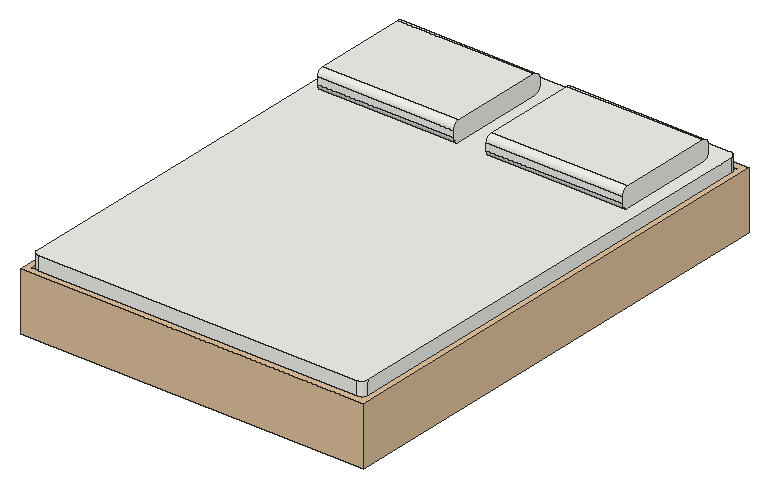
Revit family "f3a730c495784a6da5240e886285e97d", category Furniture, Revit 2025
Family settings
  Work Plane-Based = No
  Enable Cutting in Views = No
  Always vertical = Yes
  Cut with Voids When Loaded = No
  Render Appearance Source = Family Geometry
  Shared = No
  Room Calculation Point = No
Parameters (values of type "1346x1880x355mm-Double")
  Material Frame = Wood - Birch
  Length = 1880.00 mm
  Material Mattress = Textile - White
  Width = 1346.00 mm
  Keynote = "N"
  Default Elevation = 0.00 mm
Types (4, lengths in mm): name | Length | Width
  (no name) | 1880.00 | 1346.00
  1346x1880x355mm-Double | 1880.00 | 1346.00
  1525x2007x355mm-Queen | 2007.00 | 1525.00
  965x1880x355mm-Twin | 1880.00 | 965.00
Reference planes
  plane 1 "Center (Front/Back)": y = -234.43
  plane 2: z = 0
  plane 3 "Center (Left/Right)": x = 339.152
  plane 4: y = 705.57
  plane 5: y = -1174.43
  plane 6: x = -333.848
  plane 7: x = 1012.152
  plane 8: z = 177.8
  plane 9: y = 603.97
  plane 10: y = 184.87
Forms (mm)
  Sweep 1, solid, material "Wood - Birch" <- "Material Frame"
    path origin (0, -1174.43, 0) x (1, 0, 0) y (0, 0, 1)
      loop
        line (-308.448, 177.8) -> (-257.648, 177.8) -> (-181.577, 14.665)
        arc (-181.577, 14.665) -> (-172.204, 3.978) -> (-158.556, 0) r 25.4
        line (-158.556, 0) -> (-79.944, 0)
        arc (-79.944, 0) -> (-73.37, 0.865) -> (-67.244, 3.403) r 25.4
        line (-67.244, 3.403) -> (-7.147, 38.1) -> (685.452, 38.1) -> (745.549, 3.403)
        arc (745.549, 3.403) -> (751.675, 0.865) -> (758.249, 0) r 25.4
        line (758.249, 0) -> (836.861, 0)
        arc (836.861, 0) -> (850.509, 3.978) -> (859.882, 14.665) r 25.4
        line (859.882, 14.665) -> (935.952, 177.8) -> (986.752, 177.8)
    profile origin (-283.048, -1237.93, 0) x (0, 0, 1) y (0, -1, 0)
      loop
        line (196.85, -292.1) -> (177.8, -292.1) -> (177.8, -368.3) -> (196.85, -368.3) -> (196.85, -292.1)
  Extrusion 2, solid, material "Textile - White" <- "Material Mattress"
    sketch origin (0, 0, 406.4) x (1, 0, 0) y (0, 1, 0)
      loop
        line (961.352, 680.17) -> (-283.048, 680.17)
        arc (-283.048, 680.17) -> (-301.008, 672.731) -> (-308.448, 654.77) r 25.4
        line (-308.448, 654.77) -> (-308.448, -1123.63)
        arc (-308.448, -1123.63) -> (-301.008, -1141.59) -> (-283.048, -1149.03) r 25.4
        line (-283.048, -1149.03) -> (961.352, -1149.03)
        arc (961.352, -1149.03) -> (979.313, -1141.59) -> (986.752, -1123.63) r 25.4
        line (986.752, -1123.63) -> (986.752, 654.77)
        arc (986.752, 654.77) -> (979.313, 672.731) -> (961.352, 680.17) r 25.4
    from 0 to -203.2
  Sweep 3, solid, material "Wood - Birch" <- "Material Frame"
    path origin (0, 705.57, 0) x (1, 0, 0) y (0, 0, 1)
      loop
        line (-308.123, 177.8) -> (-257.323, 177.8) -> (-181.252, 14.665)
        arc (-181.252, 14.665) -> (-171.88, 3.978) -> (-158.232, 0) r 25.4
        line (-158.232, 0) -> (-79.62, 0)
        arc (-79.62, 0) -> (-73.046, 0.865) -> (-66.92, 3.403) r 25.4
        line (-66.92, 3.403) -> (-6.823, 38.1) -> (685.452, 38.1) -> (745.549, 3.403)
        arc (745.549, 3.403) -> (751.675, 0.865) -> (758.249, 0) r 25.4
        line (758.249, 0) -> (836.861, 0)
        arc (836.861, 0) -> (850.509, 3.978) -> (859.882, 14.665) r 25.4
        line (859.882, 14.665) -> (935.952, 177.8) -> (986.752, 177.8)
    profile origin (-282.723, 769.07, 0) x (0, 0, 1) y (0, -1, 0)
      loop
        line (177.8, 393.7) -> (177.8, 317.5) -> (196.85, 317.5) -> (196.85, 393.7) -> (177.8, 393.7)
  Extrusion 4, solid, material "Wood - Birch" <- "Material Frame"
    sketch origin (0, 0, 0) x (1, 0, 0) y (0, 1, 0)
      loop
        line (-333.848, 705.57) -> (-333.848, -1174.43) -> (1012.152, -1174.43) -> (1012.152, 705.57) -> (-333.848, 705.57)
      loop
        line (-308.448, 680.17) -> (-308.448, -1149.03) -> (986.752, -1149.03) -> (986.752, 680.17) -> (-308.448, 680.17)
    from 127 to 355.6
  Sweep 5, solid, material "Textile - White" <- "Material Mattress"
    path origin (0, 0, 0) x (1, 0, 0) y (0, 1, 0)
      loop
        line (-257.648, 603.97) -> (275.652, 603.97)
    profile origin (9.002, 0, 0) x (0, 1, 0) y (0, 0, 1)
      loop
        line (210.27, 406.4) -> (578.57, 406.4)
        arc (578.57, 406.4) -> (596.531, 413.839) -> (603.97, 431.8) r 25.4
        line (603.97, 431.8) -> (603.97, 457.2)
        arc (603.97, 457.2) -> (596.531, 475.161) -> (578.57, 482.6) r 25.4
        line (578.57, 482.6) -> (210.27, 482.6)
        arc (210.27, 482.6) -> (192.31, 475.161) -> (184.87, 457.2) r 25.4
        line (184.87, 457.2) -> (184.87, 431.8)
        arc (184.87, 431.8) -> (192.31, 413.839) -> (210.27, 406.4) r 25.4
  Sweep 6, solid, material "Textile - White" <- "Material Mattress"
    path origin (749.3, 0, 0) x (1, 0, 0) y (0, 1, 0)
      loop
        line (-346.648, 603.97) -> (186.652, 603.97)
    profile origin (669.302, 0, 0) x (0, 1, 0) y (0, 0, 1)
      loop
        line (210.27, 406.4) -> (578.57, 406.4)
        arc (578.57, 406.4) -> (596.531, 413.839) -> (603.97, 431.8) r 25.4
        line (603.97, 431.8) -> (603.97, 457.2)
        arc (603.97, 457.2) -> (596.531, 475.161) -> (578.57, 482.6) r 25.4
        line (578.57, 482.6) -> (210.27, 482.6)
        arc (210.27, 482.6) -> (192.31, 475.161) -> (184.87, 457.2) r 25.4
        line (184.87, 457.2) -> (184.87, 431.8)
        arc (184.87, 431.8) -> (192.31, 413.839) -> (210.27, 406.4) r 25.4
Lines and regions (mm)
  Masking region 1
    outline origin (0, 0, 0) x (1, 0, 0) y (0, 1, 0)
      loop
        line (-333.848, 705.57) -> (-333.848, -1174.43) -> (1012.152, -1174.43) -> (1012.152, 705.57) -> (-333.848, 705.57)
  symbolic lines
    curve 1: line (-333.848, 705.57, 0) -> (1012.152, 705.57, 0)
    curve 2: line (-333.848, 705.57, 0) -> (-333.848, -1174.43, 0)
    curve 3: line (-333.848, -1174.43, 0) -> (1012.152, -1174.43, 0)
    curve 4: line (1012.152, 705.57, 0) -> (1012.152, -1174.43, 0)
    curve 5: line (-308.448, 680.17, 0) -> (986.752, 680.17, 0)
    curve 6: line (-308.448, 680.17, 0) -> (-308.448, -1149.03, 0)
    curve 7: line (-308.448, -1149.03, 0) -> (986.752, -1149.03, 0)
    curve 8: line (986.752, 680.17, 0) -> (986.752, -1149.03, 0)
    curve 9: line (-257.648, 603.97, 0) -> (275.652, 603.97, 0)
    curve 10: line (-257.648, 603.97, 0) -> (-257.648, 248.17, 0)
    curve 11: line (-257.648, 248.17, 0) -> (275.652, 248.17, 0)
    curve 12: line (275.652, 603.97, 0) -> (275.652, 248.17, 0)
    curve 13: line (402.652, 603.97, 0) -> (935.952, 603.97, 0)
    curve 14: line (402.652, 603.97, 0) -> (402.652, 248.17, 0)
    curve 15: line (402.652, 248.17, 0) -> (935.952, 248.17, 0)
    curve 16: line (935.952, 603.97, 0) -> (935.952, 248.17, 0)
    curve 17: line (986.752, 248.17, 0) -> (-308.448, 19.757, 0)
Dimensions and locks
  equal spacing: plane 6, plane 3 "Center (Left/Right)", plane 7
  equal spacing: plane 5, plane 1 "Center (Front/Back)", plane 4
  "Length": plane 5 to plane 4
  "Width": plane 6 to plane 7
  locked: plane 6 to Sweep 1 sketch curve at 76.2
  locked: Sweep 1 sketch curve to Sweep 1 sketch curve at 78.613  (x2)
  locked: Sweep 1 sketch curve to plane 7 at 76.2
  plane 10 to plane 9 to plane 4 = 419.10 mm, 101.60 mm locked
  aligned and locked: Extrusion 2 sketch curve to Extrusion 4  (x4)
  aligned and locked: curve 14 to Sweep 6 sketch curve
  aligned and locked: curve 16 to Sweep 6 sketch curve
  aligned and locked: curve 9 to Sweep 6 sketch curve
  aligned: plane 6 to Masking region 1 sketch curve
  aligned: plane 7 to Masking region 1 sketch curve
Automatic sketch dimensions
  Sweep 1 sketch curve to profile plane = 0.00 mm
  Sweep 1 sketch curve to profile plane = 19.05 mm
  Sweep 1 sketch curve to plane 5 = 304.80 mm
  Sweep 1 sketch curve to Sweep 1 sketch curve = 76.20 mm
  Sweep 3 sketch curve to profile plane = 0.00 mm
  Sweep 3 sketch curve to profile plane = 19.05 mm
  plane 4 to Sweep 3 sketch curve = 254.00 mm
  Sweep 3 sketch curve to Sweep 3 sketch curve = 76.20 mm
  Extrusion 4 sketch curve to plane 4 = 0.00 mm
  Extrusion 4 sketch curve to plane 6 = 0.00 mm
  Extrusion 4 sketch curve to plane 5 = 0.00 mm
  Extrusion 4 sketch curve to plane 7 = 0.00 mm
  Extrusion 4 sketch curve to plane 6 = 25.40 mm
  plane 7 to Extrusion 4 sketch curve = 25.40 mm
  Extrusion 4 sketch curve to plane 5 = 25.40 mm
  plane 4 to Extrusion 4 sketch curve = 25.40 mm
  Extrusion 2 sketch curve to Extrusion 2 sketch curve = 25.40 mm  (x3)
  plane 4 to Extrusion 2 sketch curve = 50.80 mm
  Sweep 1 sketch curve to level = 0.00 mm  (x2)
  Sweep 1 sketch curve to plane 6 = 25.40 mm
  level to Sweep 1 sketch curve = 14.665 mm  (x2)
  Sweep 1 sketch curve to Sweep 1 sketch curve = 76.071 mm
  Sweep 1 sketch curve to Sweep 1 sketch curve = 23.02 mm  (x2)
  level to Sweep 1 sketch curve = 3.403 mm  (x2)
  Sweep 1 sketch curve to Sweep 1 sketch curve = 12.70 mm  (x2)
  level to Sweep 1 sketch curve = 38.10 mm
  Sweep 1 sketch curve to Sweep 1 sketch curve = 60.097 mm  (x2)
  Sweep 1 sketch curve to Sweep 1 sketch curve = 250.501 mm
  plane 7 to Sweep 1 sketch curve = 25.40 mm
  level to Sweep 1 sketch curve = 177.80 mm  (x2)
  Sweep 3 sketch curve to level = 0.00 mm  (x2)
  Sweep 3 sketch curve to plane 6 = 25.724 mm
  Sweep 3 sketch curve to Sweep 3 sketch curve = 50.80 mm
  level to Sweep 3 sketch curve = 14.665 mm  (x2)
  Sweep 3 sketch curve to plane 6 = 152.595 mm
  level to Sweep 3 sketch curve = 25.40 mm  (x2)
  Sweep 3 sketch curve to Sweep 3 sketch curve = 78.613 mm  (x2)
  level to Sweep 3 sketch curve = 3.403 mm  (x2)
  Sweep 3 sketch curve to Sweep 3 sketch curve = 12.70 mm  (x2)
  level to Sweep 3 sketch curve = 38.10 mm  (x2)
  Sweep 3 sketch curve to Sweep 3 sketch curve = 60.097 mm  (x2)
  plane 7 to Sweep 3 sketch curve = 326.701 mm
  Sweep 3 sketch curve to Sweep 3 sketch curve = 0.00 mm
  plane 7 to Sweep 3 sketch curve = 76.20 mm
  plane 7 to Sweep 3 sketch curve = 25.40 mm
  level to Sweep 3 sketch curve = 177.80 mm  (x2)
  curve 3 to plane 5 = 0.00 mm
  curve 3 to plane 6 = 0.00 mm
  curve 4 to plane 4 = 0.00 mm
  curve 4 to plane 7 = 0.00 mm
  curve 1 to curve 6 = 25.40 mm
  curve 10 to plane 6 = 76.20 mm
  curve 9 to plane 3 "Center (Left/Right)" = 63.50 mm
  plane 3 "Center (Left/Right)" to curve 13 = 63.50 mm
  plane 7 to curve 13 = 76.20 mm
  plane 7 to curve 17 = 25.40 mm
  curve 8 to plane 5 = 25.40 mm
  curve 17 to plane 1 "Center (Front/Back)" = 254.186 mm
  curve 17 to curve 11 = 228.414 mm
  curve 15 to curve 11 = 0.00 mm
  curve 17 to curve 15 = 0.00 mm
  plane 4 to curve 10 = 101.60 mm
  plane 4 to curve 14 = 101.60 mm
  plane 4 to curve 8 = 25.40 mm
  Sweep 5 sketch curve to plane 9 = 0.00 mm
  Sweep 5 sketch curve to plane 6 = 76.20 mm
  Sweep 5 sketch curve to plane 3 "Center (Left/Right)" = 63.50 mm
  Sweep 5 sketch curve to profile plane = 0.00 mm
  profile plane to Sweep 5 sketch curve = 25.40 mm  (x2)
  Sweep 5 sketch curve to Sweep 5 sketch curve = 368.30 mm
  Sweep 5 sketch curve to Sweep 5 sketch curve = 0.00 mm
  Sweep 5 sketch curve to Sweep 5 sketch curve = 25.40 mm  (x2)
  level to Sweep 5 sketch curve = 406.40 mm
  Sweep 6 sketch curve to profile plane = 0.00 mm
  profile plane to Sweep 6 sketch curve = 25.40 mm  (x2)
  Sweep 6 sketch curve to Sweep 6 sketch curve = 368.30 mm
  Sweep 6 sketch curve to Sweep 6 sketch curve = 0.00 mm
  Sweep 6 sketch curve to Sweep 6 sketch curve = 25.40 mm  (x2)
  Masking region 1 sketch curve to plane 5 = 0.00 mm
  Masking region 1 sketch curve to plane 6 = 0.00 mm
  Masking region 1 sketch curve to plane 7 = 0.00 mm
  Masking region 1 sketch curve to plane 4 = 0.00 mm
